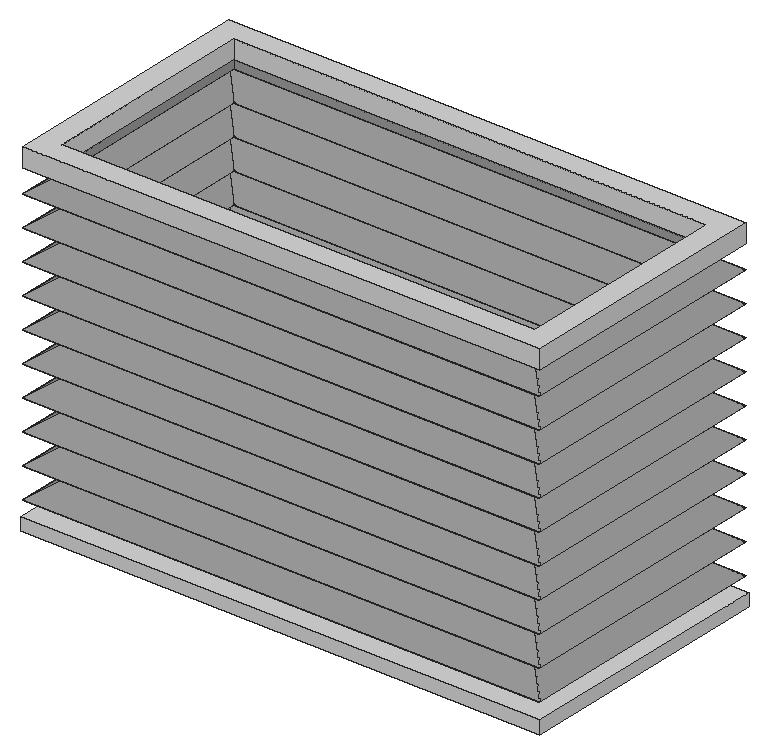
Revit family "DM_Штора_ПротивопожарнаяГармошкаЗамкнутая_Doormaster_E-60", category Двери, Revit 2019
Family settings
  На основе рабочей плоскости = Нет
  Всегда вертикально = Да
  При загрузке вырезать с полостями = Нет
  Общий = Нет
  Точка расчета площади = Нет
Parameters (values of type "H=4000 A1=6000 B1=3000 B2=3000 (угол левый=90 угол правый=90)")
  ч3 = ч1 - ч2  # 0
  ч2 = n / 2  # 10
  ч1 = n / 2  # 10
  вкк3 [instance] = if(вкк1 < 50 mm, 50 mm, вкк1)  # 50 mm
  вкк2 [instance] = sin(15.00°) * DM_Ширина короба  # 64.705 mm
  вкк1 [instance] = if(Четный, (Rough Height - H1) / 2, (Rough Height - H1))  # 47.233 mm
  Штора поднята [instance] = no
  Ширина складки = DM_Ширина короба  # 250 mm
  Width = Сторона A1 + a1 + a2  # 6000 mm
  Четный = ч3 = 0  # yes
  Угол правый_Геометрия = if(Угол правый < 90.00°, 90.00°, Угол правый)  # 90.00°
  Угол правый = 90.00°
  Угол левый_Геометрия = if(Угол левый < 90.00°, 90.00°, Угол левый)  # 90.00°
  Угол левый = 90.00°
  Угол [instance] = if(Штора поднята, 15.00°, 45.00°)  # 45.00°
  У2 = Угол правый - У1  # 63.4349°
  У1 = acos((Сторона A1 ^ 2 - Сторона B1 ^ 2 + d1 ^ 2) / (2 * Сторона A1 * d1))  # 26.5651°
  Толщина = 1 mm  # constant formula
  Тип конструкций = "Штора противодымная \"Гармошка\""
  Сторона B2 = 3000 mm
  Сторона B1 = 3000 mm
  Сторона A2 = sqrt(d1 ^ 2 + Сторона B2 ^ 2 - 2 * d1 * Сторона B2 * cos(У2))  # 6000 mm
  Сторона A1 = 6000 mm
  Rough Width = Width  # 6000 mm
  Rough Height = Height - DM_Высота короба - Высота нижнего короба  # 3630 mm
  Предупреждение [instance] = or(Сторона A1 < 1500 mm, Сторона A2 < 1500 mm, Сторона B1 < 1500 mm, Сторона B2 < 1500 mm, Height > 6000 mm, ADSK_Размер_Длина > 50000 mm)  # no
  Описание = "Противодымная контурная штора \"Гармошка\" представляет собой ограждающую конструкцию, которая автоматически раскрывается при возгорании или задымлении, образуя надежную завесу. Щит управления ЩУ-480-2 поставляется в комплекте"
  Огнестойкость = "E-60"  # constant formula
  Материал полотна = DM_Ткань_Кремнеземная_Со специальной пропиткой
  Материал короба = DM_Сталь_Холоднокатанная_08ПС
  Крайний элемент [instance] = if(and(Четный, Штора поднята), Высота складки крайней * 2, if(and(not(Четный), Штора поднята), Высота складки крайней, if(and(Четный, not(Штора поднята)), вкк1 * 2, вкк1)))  # 94.466 mm
  Изготовитель = "ООО «СТЦ Дормастер»"  # constant formula
  Высота складки крайней [instance] = if(Штора поднята, вкк2, вкк3)  # 50 mm
  Высота складки [instance] = sin(Угол) * DM_Ширина короба  # 176.777 mm
  Высота нижнего короба = 150 mm  # constant formula
  Height = 4000 mm
  Видимость2 [instance] = not(Видимость крайнего элемента)  # yes
  Видимость крайнего элемента [instance] = not(вкк1 < 50 mm)  # no
  n = rounddown(Rough Height / (sin(45.00°) * DM_Ширина короба))  # 20
  d1 = sqrt(Сторона A1 ^ 2 + Сторона B1 ^ 2 - 2 * Сторона A1 * Сторона B1 * cos(Угол левый))  # 6708.204 mm
  b2 = cos(Угол правый_Геометрия - 90.00°) * Сторона B2  # 3000 mm
  b1 = cos(Угол левый_Геометрия - 90.00°) * Сторона B1  # 3000 mm
  a2 = sin(Угол правый_Геометрия - 90.00°) * Сторона B2  # 0 mm
  a1 = sin(Угол левый_Геометрия - 90.00°) * Сторона B1  # 0 mm
  URL = "https://www.doormaster.ru"
  N = rounddown(Rough Height / (2 * sin(45.00°) * DM_Ширина короба))  # 10
  H1 [instance] = H * N  # 3535.534 mm
  H [instance] = 2 * Высота складки  # 353.553 mm
  DM_Щит управления = Щит управления : ЩУ-480-2
  DM_Ширина короба = 250 mm  # constant formula
  DM_Монтаж короба = "к потолку"
  DM_Высота короба = 220 mm  # constant formula
  BL_Разработано = "support@bimlib.pro"  # constant formula
  BL_Производитель_Контакты = "тел.: +7(495)542-89-49, email: RA@doormaster.ru"  # constant formula
  BL_BIM library = "https://bimlib.pro/manufacturer/stts-dormaster/c79c0674-d800-4470-8145-8c6c66c7c675/?from=single-model&tab=products"
  ADSK_Размер_Ширина = Width  # 6000 mm
  ADSK_Размер_Длина = Сторона A1 + Сторона B1 + Сторона B2 + Сторона A2  # 18000 mm
  ADSK_Размер_Высота = Height - DM_Высота короба + DM_Высота короба  # 4000 mm
  ADSK_Предел огнестойкости = "E-60"  # constant formula
  ADSK_Полная мощность = 0 VA
  ADSK_Обозначение = "ГОСТ Р 53307-2009"  # constant formula
  ADSK_Напряжение = 0 V
  ADSK_Наименование краткое = "Противодымная штора \"Гармошка\" замкнутая H=4000, L=18000 (ЩУ-480-2 в комплекте)"
  ADSK_Наименование = "Противопожарная противодымная контурная штора \"Гармошка\" замкнутая H=4000, L=18000, угол левый=90°, угол правый=90° (ЩУ-480-2 в комплекте)"
  ADSK_Марка = "DOORMASTER-FIREPROF-SG"  # constant formula
  ADSK_Коэффициент мощности = 1
  ADSK_Количество фаз = 1
  ADSK_Количество = 1  # constant formula
  ADSK_Код изделия = "20.52.10.190.14.2.02"  # constant formula
  ADSK_Классификация нагрузок = Прочее
  ADSK_Завод-изготовитель = "ООО «СТЦ Дормастер»"  # constant formula
  ADSK_Единица измерения = "шт."  # constant formula
  ADSK_Версия семейства = "1"  # constant formula
  ADSK_Версия Revit = "2019"  # constant formula
  ADSK_URL страницы изделия = "https://www.doormaster.ru/catalog/garmoshka/"
Types (3, lengths in mm): name | ч2 | ч1 | вкк3 | вкк1 | Width | Угол правый_Геометрия | Угол правый | Угол левый_Геометрия | Угол левый | У2 | У1 | Сторона B2 | Сторона B1 | Сторона A2 | Сторона A1 | Rough Width | Rough Height | Крайний элемент | Высота складки крайней | Height | Видимость2 | Видимость крайнего элемента | n | d1 | b2 | b1 | a2 | a1 | N | H1 | ADSK_Размер_Ширина | ADSK_Размер_Длина | ADSK_Размер_Высота | ADSK_Наименование краткое | ADSK_Наименование
  (no name) | 10 | 10 | 50 | 47.233 | 6000 | 90.00° | 90.00° | 90.00° | 90.00° | 63.4349° | 26.5651° | 3000 | 3000 | 6000 | 6000 | 6000 | 3630 | 94.466 | 50 | 4000 | yes | no | 20 | 6708.204 | 3000 | 3000 | 0 | 0 | 10 | 3535.534 | 6000 | 18000 | 4000 | "Противодымная штора \"Гармошка\" замкнутая H=4000, L=18000 (ЩУ-480-2 в комплекте)" | "Противопожарная противодымная контурная штора \"Гармошка\" замкнутая H=4000, L=18000, угол левый=90°, угол правый=90° (ЩУ-480-2 в комплекте)"
  H=3000 A1=4000 B1=2500 B2=3500 (угол левый=110 угол правый=110) | 7 | 7 | 77.563 | 77.563 | 6052.121 | 110.00° | 110.00° | 110.00° | 110.00° | 84.1789° | 25.8211° | 3500 | 2500 | 6124.638 | 4000 | 6052.121 | 2630 | 155.126 | 77.563 | 3000 | no | yes | 14 | 5393.552 | 3288.924 | 2349.232 | 1197.071 | 855.05 | 7 | 2474.874 | 6052.121 | 16124.638 | 3000 | "Противодымная штора \"Гармошка\" замкнутая H=3000, L=16125 (ЩУ-480-2 в комплекте)" | "Противопожарная противодымная контурная штора \"Гармошка\" замкнутая H=3000, L=16125, угол левый=110°, угол правый=110° (ЩУ-480-2 в комплекте)"
  H=4000 A1=6000 B1=3000 B2=3000 (угол левый=90 угол правый=90) | 10 | 10 | 50 | 47.233 | 6000 | 90.00° | 90.00° | 90.00° | 90.00° | 63.4349° | 26.5651° | 3000 | 3000 | 6000 | 6000 | 6000 | 3630 | 94.466 | 50 | 4000 | yes | no | 20 | 6708.204 | 3000 | 3000 | 0 | 0 | 10 | 3535.534 | 6000 | 18000 | 4000 | "Противодымная штора \"Гармошка\" замкнутая H=4000, L=18000 (ЩУ-480-2 в комплекте)" | "Противопожарная противодымная контурная штора \"Гармошка\" замкнутая H=4000, L=18000, угол левый=90°, угол правый=90° (ЩУ-480-2 в комплекте)"
Reference planes
  plane 1 "По центру (Вперед/Назад)": y = 0
  plane 2: z = 0
  plane 3 "По центру (Влево/Вправо)": x = 0
  plane 4: x = -3000
  plane 5: x = 3000
  plane 6: y = -3000
  plane 7: x = -3000
  plane 8: y = -3000
  plane 9: x = 3000
  plane 10: z = 503.553
  plane 11: y = -250
  plane 12: z = 4000
  plane 13: z = 3780
  plane 14: z = 3685.534
  plane 15: z = 0
  plane 16: z = 150
  plane 17: y = -3000
  plane 18: x = -3000
  plane 19: y = -3000
  plane 20: x = 3000
  plane 21: y = -3000
  plane 22: y = -3000
  plane 23: x = 3000
  plane 24: x = -3000
Forms (mm)
  Sweep 1, solid, material "DM_Сталь_Холоднокатанная_08ПС" <- "Материал короба"
    path origin (0, 0, 0) x (1, 0, 0) y (0, 1, 0)
      loop
        line (-3000, 0) -> (-3000, -3000) -> (3000, -3000) -> (3000, 0) -> (-3000, 0)
    profile origin (0, 0, 0) x (0, 1, 0) y (0, 0, 1)
      loop
        line (0, 4000) -> (-250, 4000) -> (-250, 3780) -> (0, 3780) -> (0, 4000)
  Sweep 2, solid, material "DM_Ткань_Кремнеземная_Со специальной пропиткой" <- "Материал полотна", visible <- "Видимость2", detail levels fine
    path origin (0, 0, 0) x (1, 0, 0) y (0, 1, 0)
      loop
        line (-3000, 0) -> (-3000, -3000) -> (3000, -3000) -> (3000, 0) -> (-3000, 0)
    profile origin (0, 0, 0) x (0, 1, 0) y (0, 0, 1)
      loop
        line (-249, 3780) -> (-250, 3780) -> (-250, 3685.534) -> (-249, 3685.534) -> (-249, 3780)
  Sweep 3, solid, material "DM_Ткань_Кремнеземная_Со специальной пропиткой" <- "Материал полотна", detail levels coarse+medium
    path origin (0, 0, 0) x (1, 0, 0) y (0, 1, 0)
      loop
        line (-3000, 0) -> (-3000, -3000) -> (3000, -3000) -> (3000, 0) -> (-3000, 0)
    profile origin (0, 0, 0) x (0, 1, 0) y (0, 0, 1)
      loop
        line (0, 3780) -> (-250, 3780) -> (-250, 0) -> (0, 0) -> (0, 3780)
  Extrusion 4, solid, not visible
    sketch origin (0, 0, 0) x (0, 1, 0) y (0, 0, 1)
      loop
        line (0, 4000) -> (-250, 4000) -> (-250, 3780) -> (0, 3780) -> (0, 4000)
    from 0 to 250
  Sweep 5, solid, material "DM_Сталь_Холоднокатанная_08ПС" <- "Материал короба", detail levels fine
    path origin (0, 0, 0) x (1, 0, 0) y (0, 1, 0)
      loop
        line (-3000, 0) -> (-3000, -3000) -> (3000, -3000) -> (3000, 0) -> (-3000, 0)
    profile origin (0, 0, 0) x (0, 1, 0) y (0, 0, 1)
      loop
        line (15, 150) -> (-265, 150) -> (-265, 0) -> (15, 0) -> (15, 150)
Dimensions and locks
  equal spacing: plane 4, plane 3 "По центру (Влево/Вправо)", plane 5
  "Сторона A1": plane 4 to plane 5
  "b1": plane 6 to plane 1 "По центру (Вперед/Назад)"
  "a1": plane 7 to plane 4
  "b2": plane 1 "По центру (Вперед/Назад)" to plane 8
  "a2": plane 5 to plane 9
  "DM_Ширина короба": plane 1 "По центру (Вперед/Назад)" to plane 11
  "ADSK_Размер_Высота": plane 12 to plane 2
  "DM_Высота короба": plane 12 to plane 13
  "Крайний элемент": plane 13 to plane 14
  "H1": plane 14 to plane 16
  "H": plane 10 to plane 16
  "Высота нижнего короба": plane 16 to plane 15
  equal spacing: group 1, group 2, group 3, group 4, group 5, group 6, group 7, group 8, group 9, group 10  (x3)
  "Толщина": Sweep 2 sketch curve to plane 11
  locked: plane 8 to text3d elem at 500
  locked: plane 12 to Extrusion 4 sketch curve at 220
  locked: Sweep 5 sketch curve to plane 1 "По центру (Вперед/Назад)" at 15
  locked: plane 11 to Sweep 5 sketch curve at 15
  "a1": plane 18 to plane 4
  "b1": plane 1 "По центру (Вперед/Назад)" to plane 17
  "a2": plane 5 to plane 20
  "b2": plane 1 "По центру (Вперед/Назад)" to plane 19
  "a1": plane 24 to plane 4
  "a2": plane 5 to plane 23
  "b1": plane 1 "По центру (Вперед/Назад)" to plane 21
  "b2": plane 22 to plane 1 "По центру (Вперед/Назад)"
  aligned and locked: level to plane 2
  aligned and locked: nested 1 to plane 1 "По центру (Вперед/Назад)"
  aligned and locked: nested 1 to plane 3 "По центру (Влево/Вправо)"
  aligned and locked: nested 1 to plane 16
  aligned and locked: Sweep 1 sketch curve to plane 1 "По центру (Вперед/Назад)"
  aligned and locked: plane 4 to Sweep 1 sketch curve
  aligned and locked: plane 5 to Sweep 1 sketch curve
  aligned and locked: plane 7 to Sweep 1 sketch curve
  aligned and locked: plane 9 to Sweep 1 sketch curve
  aligned and locked: plane 6 to Sweep 1 sketch curve
  aligned and locked: plane 8 to Sweep 1 sketch curve
  aligned and locked: plane 1 "По центру (Вперед/Назад)" to Sweep 1 sketch curve
  aligned and locked: Sweep 1 sketch curve to plane 11
  aligned and locked: Sweep 1 sketch curve to plane 12
  aligned and locked: plane 13 to Sweep 1 sketch curve
  aligned and locked: nested 2 to plane 10
  aligned and locked: plane 3 "По центру (Влево/Вправо)" to nested 2
  aligned and locked: nested 3 to plane 3 "По центру (Влево/Вправо)"
  aligned and locked: nested 3 to plane 1 "По центру (Вперед/Назад)"
  aligned and locked: nested 3 to plane 14
  aligned and locked: Sweep 2 sketch curve to plane 1 "По центру (Вперед/Назад)"
  aligned and locked: plane 5 to Sweep 2 sketch curve
  aligned and locked: plane 4 to Sweep 2 sketch curve
  aligned and locked: Sweep 2 sketch curve to plane 11
  aligned and locked: plane 14 to Sweep 2 sketch curve
  aligned and locked: Sweep 2 sketch curve to plane 13
  aligned and locked: Sweep 3 sketch curve to plane 1 "По центру (Вперед/Назад)"
  aligned and locked: plane 4 to Sweep 3 sketch curve
  aligned and locked: plane 7 to Sweep 3 sketch curve
  aligned and locked: plane 5 to Sweep 3 sketch curve
  aligned and locked: Sweep 3 sketch curve to plane 13
  aligned and locked: plane 1 "По центру (Вперед/Назад)" to Sweep 3 sketch curve
  aligned and locked: Sweep 3 sketch curve to plane 11
  aligned and locked: text3d elem to plane 3 "По центру (Влево/Вправо)"
  aligned and locked: Extrusion 4 sketch curve to plane 12
  aligned and locked: plane 1 "По центру (Вперед/Назад)" to Extrusion 4 sketch curve
  aligned and locked: Extrusion 4 sketch curve to plane 11
  aligned and locked: Sweep 5 sketch curve to plane 1 "По центру (Вперед/Назад)"
  aligned and locked: plane 4 to Sweep 5 sketch curve
  aligned and locked: plane 5 to Sweep 5 sketch curve
  aligned and locked: plane 16 to Sweep 5 sketch curve
  aligned and locked: plane 15 to Sweep 5 sketch curve
  aligned and locked: plane 18 to Sweep 5 sketch curve
  aligned and locked: plane 17 to Sweep 5 sketch curve
  aligned and locked: plane 19 to Sweep 5 sketch curve
  aligned and locked: plane 20 to Sweep 5 sketch curve
  aligned and locked: Sweep 3 sketch curve to profile plane
  aligned and locked: plane 22 to Sweep 2 sketch curve
  aligned and locked: plane 23 to Sweep 2 sketch curve
  aligned and locked: plane 21 to Sweep 2 sketch curve
  aligned and locked: plane 24 to Sweep 2 sketch curve
  aligned and locked: plane 8 to Sweep 3 sketch curve
  aligned and locked: plane 9 to Sweep 3 sketch curve
  aligned and locked: plane 6 to Sweep 3 sketch curve
Nested families
  nested 1: "DM_ЭлементППШ" at (0, 0, 150), type "Элемент гармошки"
    with Угол правый_Геометрия 90.00°, Угол правый 90.00°, Угол левый_Геометрия 90.00°, Угол левый 90.00°, Сторона B2 3000 mm, Сторона B1 3000 mm, Сторона A 6000 mm, b2 3000 mm, b1 3000 mm, a2 0 mm, a1 0 mm
  nested 2: "DM_ЭлементППШ" at (0, 0, 503.553), type "Элемент гармошки"
    with Угол правый_Геометрия 90.00°, Угол правый 90.00°, Угол левый_Геометрия 90.00°, Угол левый 90.00°, Сторона B2 3000 mm, Сторона B1 3000 mm, Сторона A 6000 mm, b2 3000 mm, b1 3000 mm, a2 0 mm, a1 0 mm
  nested 3: "DM_ЭлементППШ" at (0, 0, 3685.534), Четный <- "Четный", visible <- "Видимость крайнего элемента", type "Элемент гармошки крайний"
    with Четный yes, Угол правый_Геометрия 90.00°, Угол правый 90.00°, Угол левый_Геометрия 90.00°, Угол левый 90.00°, Сторона B2 3000 mm, Сторона B1 3000 mm, Сторона A 6000 mm, Height 50 mm, b2 3000 mm, b1 3000 mm, a2 0 mm, a1 0 mm
  nested 4: "DM_ЭлементППШ" at (0, 0, 857.107), type "Элемент гармошки"
    with Угол правый_Геометрия 90.00°, Угол правый 90.00°, Угол левый_Геометрия 90.00°, Угол левый 90.00°, Сторона B2 3000 mm, Сторона B1 3000 mm, Сторона A 6000 mm, b2 3000 mm, b1 3000 mm, a2 0 mm, a1 0 mm
  nested 5: "DM_ЭлементППШ" at (0, 0, 1210.66), type "Элемент гармошки"
    with Угол правый_Геометрия 90.00°, Угол правый 90.00°, Угол левый_Геометрия 90.00°, Угол левый 90.00°, Сторона B2 3000 mm, Сторона B1 3000 mm, Сторона A 6000 mm, b2 3000 mm, b1 3000 mm, a2 0 mm, a1 0 mm
  nested 6: "DM_ЭлементППШ" at (0, 0, 1564.214), type "Элемент гармошки"
    with Угол правый_Геометрия 90.00°, Угол правый 90.00°, Угол левый_Геометрия 90.00°, Угол левый 90.00°, Сторона B2 3000 mm, Сторона B1 3000 mm, Сторона A 6000 mm, b2 3000 mm, b1 3000 mm, a2 0 mm, a1 0 mm
  nested 7: "DM_ЭлементППШ" at (0, 0, 1917.767), type "Элемент гармошки"
    with Угол правый_Геометрия 90.00°, Угол правый 90.00°, Угол левый_Геометрия 90.00°, Угол левый 90.00°, Сторона B2 3000 mm, Сторона B1 3000 mm, Сторона A 6000 mm, b2 3000 mm, b1 3000 mm, a2 0 mm, a1 0 mm
  nested 8: "DM_ЭлементППШ" at (0, 0, 2271.32), type "Элемент гармошки"
    with Угол правый_Геометрия 90.00°, Угол правый 90.00°, Угол левый_Геометрия 90.00°, Угол левый 90.00°, Сторона B2 3000 mm, Сторона B1 3000 mm, Сторона A 6000 mm, b2 3000 mm, b1 3000 mm, a2 0 mm, a1 0 mm
  nested 9: "DM_ЭлементППШ" at (0, 0, 2624.874), type "Элемент гармошки"
    with Угол правый_Геометрия 90.00°, Угол правый 90.00°, Угол левый_Геометрия 90.00°, Угол левый 90.00°, Сторона B2 3000 mm, Сторона B1 3000 mm, Сторона A 6000 mm, b2 3000 mm, b1 3000 mm, a2 0 mm, a1 0 mm
  nested 10: "DM_ЭлементППШ" at (0, 0, 2978.427), type "Элемент гармошки"
    with Угол правый_Геометрия 90.00°, Угол правый 90.00°, Угол левый_Геометрия 90.00°, Угол левый 90.00°, Сторона B2 3000 mm, Сторона B1 3000 mm, Сторона A 6000 mm, b2 3000 mm, b1 3000 mm, a2 0 mm, a1 0 mm
  nested 11: "DM_ЭлементППШ" at (0, 0, 3331.981), type "Элемент гармошки"
    with Угол правый_Геометрия 90.00°, Угол правый 90.00°, Угол левый_Геометрия 90.00°, Угол левый 90.00°, Сторона B2 3000 mm, Сторона B1 3000 mm, Сторона A 6000 mm, b2 3000 mm, b1 3000 mm, a2 0 mm, a1 0 mm
Connectors
  electrical at (0, -125, 3890), driven by "ADSK_Количество фаз", driven by "ADSK_Классификация нагрузок", driven by "ADSK_Напряжение", driven by "ADSK_Полная мощность", driven by "ADSK_Коэффициент мощности"
    settings: on Extrusion 4, index 1, voltage 0 V, apparent load 0 VA, apparent load phase1 0 VA, apparent load phase2 0 VA, apparent load phase3 0 VA, power factor 1, load classification "Прочее", number of poles 1, system type 30, power factor state 1, is connector primary yes, connector utility no, sub classification motor no, connector description "Электропривод"
Definition of nested family "DM_ЭлементППШ"
  Parameters (values of type "Элемент гармошки крайний")
    Width = 250 mm
    Четный [instance] = yes
    Угол правый_Геометрия = if(Угол правый < 90.00°, 90.00°, Угол правый)  # 110.00°
    Угол правый = 110.00°
    Угол левый_Геометрия = if(Угол левый < 90.00°, 90.00°, Угол левый)  # 110.00°
    Угол левый = 110.00°
    Thickness = 1 mm
    Сторона B2 = 3450 mm
    Сторона B1 = 2450 mm
    Сторона A = 4000 mm
    Материал полотна = none
    Height = 77.563 mm
    Analytic Construction = "<Нет>"
    b2 = cos(Угол правый_Геометрия - 90.00°) * Сторона B2  # 3241.94 mm
    b1 = cos(Угол левый_Геометрия - 90.00°) * Сторона B1  # 2302.247 mm
    a2 = sin(Угол правый_Геометрия - 90.00°) * Сторона B2  # 1179.969 mm
    a1 = sin(Угол левый_Геометрия - 90.00°) * Сторона B1  # 837.949 mm
  Types (2, lengths in mm): name | Height
    Элемент гармошки | 176.777
    Элемент гармошки крайний | 77.563
  Reference planes
    plane 1 "По центру (Вперед/Назад)": y = 0
    plane 2: z = 0
    plane 3 "По центру (Влево/Вправо)": x = 0
    plane 4: x = -2000
    plane 5: x = 2000
    plane 6: y = -2302.247
    plane 7: x = -2837.949
    plane 8: y = -3241.94
    plane 9: x = 3179.969
    plane 10: z = 77.563
    plane 11: z = 155.126
    plane 12: y = -250
    plane 13: y = -249
    plane 14: y = -1
    plane 15: y = -1
    plane 16: y = -249
  Forms (mm)
    Sweep 1, solid, material <- "Материал полотна", detail levels fine
      path origin (0, 0, 0) x (1, 0, 0) y (0, 1, 0)
        loop
          line (-2000, 0) -> (-2837.949, -2302.247) -> (3179.969, -3241.94) -> (2000, 0) -> (-2000, 0)
      profile origin (0, 0, 0) x (0, 1, 0) y (0, 0, 1)
        loop
          line (0, 77.563) -> (-1, 77.563) -> (-250, 0) -> (-249, 0) -> (0, 77.563)
    Sweep 2, solid, material <- "Материал полотна", visible <- "Четный", detail levels fine
      path origin (0, 0, 0) x (1, 0, 0) y (0, 1, 0)
        loop
          line (-2000, 0) -> (-2837.949, -2302.247) -> (3179.969, -3241.94) -> (2000, 0) -> (-2000, 0)
      profile origin (0, 0, 0) x (0, 1, 0) y (0, 0, 1)
        loop
          line (-250, 155.126) -> (-1, 77.563) -> (0, 77.563) -> (-249, 155.126) -> (-250, 155.126)
  Dimensions and locks
    equal spacing: plane 4, plane 3 "По центру (Влево/Вправо)", plane 5
    "Сторона A": plane 4 to plane 5
    "b1": plane 6 to plane 1 "По центру (Вперед/Назад)"
    "a1": plane 7 to plane 4
    "b2": plane 1 "По центру (Вперед/Назад)" to plane 8
    "a2": plane 5 to plane 9
    "Height": plane 11 to plane 10 to plane 2
    "Width": plane 1 "По центру (Вперед/Назад)" to plane 12
    "Thickness": plane 1 "По центру (Вперед/Назад)" to plane 14
    "Thickness": plane 13 to plane 12
    "Thickness": plane 1 "По центру (Вперед/Назад)" to plane 15
    "Thickness": plane 16 to plane 12
    aligned and locked: level to plane 2
    aligned and locked: plane 9 to Sweep 1 sketch curve
    aligned and locked: plane 5 to Sweep 1 sketch curve
    aligned and locked: plane 4 to Sweep 1 sketch curve
    aligned and locked: plane 4 to Sweep 2 sketch curve
    aligned and locked: plane 9 to Sweep 2 sketch curve
    aligned and locked: Sweep 2 sketch curve to plane 11
    aligned and locked: plane 12 to Sweep 2 sketch curve
    aligned and locked: plane 16 to Sweep 2 sketch curve
    aligned and locked: Sweep 2 sketch curve to plane 10
    aligned and locked: plane 1 "По центру (Вперед/Назад)" to Sweep 2 sketch curve
    aligned and locked: plane 15 to Sweep 2 sketch curve
    aligned and locked: Sweep 1 sketch curve to plane 10
    aligned and locked: plane 1 "По центру (Вперед/Назад)" to Sweep 1 sketch curve
    aligned and locked: plane 14 to Sweep 1 sketch curve
    aligned and locked: plane 13 to Sweep 1 sketch curve
    aligned and locked: plane 12 to Sweep 1 sketch curve
    aligned and locked: plane 2 to Sweep 1 sketch curve
    aligned and locked: plane 5 to Sweep 2 sketch curve
    aligned and locked: Sweep 2 sketch curve to plane 1 "По центру (Вперед/Назад)"
    aligned and locked: Sweep 1 sketch curve to plane 1 "По центру (Вперед/Назад)"
    aligned and locked: plane 6 to Sweep 2 sketch curve
    aligned and locked: plane 7 to Sweep 2 sketch curve
    aligned and locked: Sweep 2 sketch curve to plane 8
    aligned and locked: plane 6 to Sweep 1 sketch curve
    aligned and locked: plane 7 to Sweep 1 sketch curve
    aligned and locked: Sweep 1 sketch curve to plane 8
